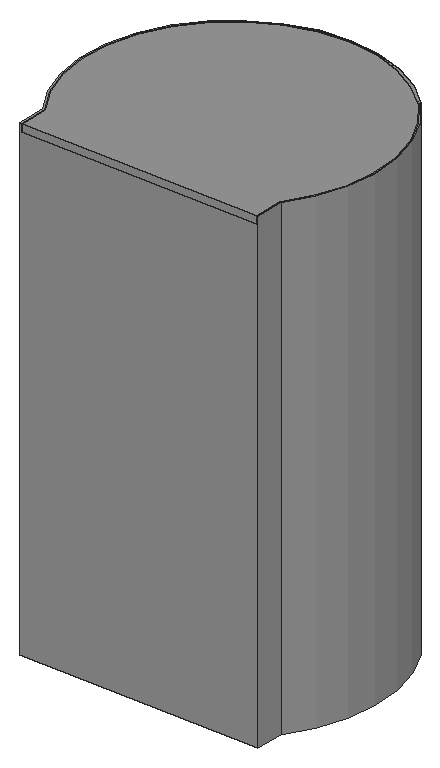
Revit family "DAN DRYER Björk Design Handdryer 3000", category Furniture Systems, host Wall, Revit 2018
Family settings
  Host = Wall
  Round Connector Dimension = Use Diameter
  Part Type = Normal
  Always vertical = Yes
  Cut with Voids When Loaded = No
  Shared = No
  Room Calculation Point = No
Parameters (values of type "OSLO")
  URL = "http://www.dandryer.dk/da-dk/produkter/produktserie-%E2%80%93-bjork/3000-bjork-haandtoerrer--hvid"
  Type Image = <None>
  Surface Top = OSLO
  Surface Front = WHITE
  Model = "Björk-3000"
  Manufacturer = "Dan Dryer"
  Description = "Touch-free hand dryer"
  Cost = 0
Types (6): name | Surface Top
  BIRK | BIRK
  GEO WHITE | GEO WHITE
  GRIGIO LONDRA | GRIGIO LONDRA
  NEGRO INGO | NEGRO INGO
  OSLO | OSLO
  BIANCO MALE | BIANCO MALE
Reference planes (in)
  plane 1 "Wall": y = 0
  plane 2 "Center (Left/Right)": x = 4.92126
  plane 3 "Back": y = 2.95276
Forms (in)
  Extrusion 1, solid, material "WHITE", not visible
    sketch origin (0, 0, 0) x (1, 0, 0) y (0, 1, 0)
      loop
        arc (1.66187, 3.75455) -> (1.67032, 3.73804) -> (1.67323, 3.71973) r 0.05906
        line (1.67323, 3.71973) -> (1.67323, 2.96457) -> (1.72047, 2.96457) -> (1.72047, 3.71973)
        arc (1.72047, 3.71973) -> (1.71523, 3.75269) -> (1.70003, 3.78241) r 0.1063
        arc (1.70003, 3.78241) -> (4.92126, 10.12205) -> (8.14249, 3.78241) r 3.98819
        arc (8.14249, 3.78241) -> (8.12729, 3.75269) -> (8.12205, 3.71973) r 0.1063
        line (8.12205, 3.71973) -> (8.12205, 2.96457) -> (8.16929, 2.96457) -> (8.16929, 3.71973)
        arc (8.16929, 3.71973) -> (8.1722, 3.73804) -> (8.18065, 3.75455) r 0.05906
        arc (8.18065, 3.75455) -> (4.92126, 10.16929) -> (1.66187, 3.75455) r 4.03543
    from 35.43307 to 48.4252
  Extrusion 2, void, not visible
    sketch origin (8.16929, 3.71973, 0) x (0, 1, 0) y (0, 0, -1)
      loop
        line (-0.75516, -48.22835) -> (-0.75516, -48.4252) -> (0.24229, -48.4252)
        arc (0.24229, -48.4252) -> (0.12078, -48.36063) -> (0.08289, -48.22835) r 0.17597
        line (0.08289, -48.22835) -> (-0.75516, -48.22835)
    from -0.43119 to 6.69923
  Extrusion 3, void, not visible
    sketch origin (8.16929, 3.71973, 83.85827) x (0, 1, 0) y (0, 0, -1)
      loop
        line (-0.75516, 48.22835) -> (0.08289, 48.22835)
        arc (0.08289, 48.22835) -> (0.12078, 48.36063) -> (0.24229, 48.4252) r 0.17597
        line (0.24229, 48.4252) -> (-0.75516, 48.4252) -> (-0.75516, 48.22835)
    from -0.23622 to 7.06498
  Extrusion 4, solid, not visible
    sketch origin (8.16929, 2.96457, 35.70866) x (0, 1, 0) y (-1, 0, 0)
      loop
        line (0, 6.44882) -> (0, 0.04724) -> (0.75516, 0.04724)
        arc (0.75516, 0.04724) -> (0.78813, 0.042) -> (0.81784, 0.0268) r 0.1063
        arc (0.81784, 0.0268) -> (7.15748, 3.24803) -> (0.81784, 6.46926) r 3.98819
        arc (0.81784, 6.46926) -> (0.78813, 6.45406) -> (0.75516, 6.44882) r 0.1063
        line (0.75516, 6.44882) -> (0, 6.44882)
    from 0 to -0.07874
  Extrusion 5, void, not visible
    sketch origin (8.12205, 2.96457, 0) x (-1, 0, 0) y (0, 0, 1)
      loop
        arc (3.27999, 38.4252) -> (3.2009, 38.50448) -> (3.12159, 38.4252) r 0.07921
        line (3.12159, 38.4252) -> (3.12146, 36.61417)
        arc (3.12146, 36.61417) -> (3.20067, 36.53489) -> (3.27999, 36.61417) r 0.07921
        line (3.27999, 36.61417) -> (3.27999, 38.4252)
    from 6.88641 to 7.45017
  Extrusion 6, solid, not visible
    sketch origin (8.12205, 2.96457, 0) x (1, 0, 0) y (0, 0, 1)
      loop
        line (-3.27999, 38.42458) -> (-3.27999, 36.61417)
        arc (-3.27999, 36.61417) -> (-3.20042, 36.54009) -> (-3.12154, 36.61479) r 0.07931
        line (-3.12154, 36.61479) -> (-3.12159, 38.4252)
        arc (-3.12159, 38.4252) -> (-3.20116, 38.49928) -> (-3.27999, 38.42458) r 0.07931
    from -7.20394 to -6.8864
  Extrusion 7, solid, material "Mat Sort", not visible
    sketch origin (0, 0, 0) x (1, 0, 0) y (0, 1, 0)
      loop
        arc (1.66187, 3.75455) -> (1.67032, 3.73804) -> (1.67323, 3.71973) r 0.05906
        line (1.67323, 3.71973) -> (1.67323, 2.96457) -> (1.72047, 2.96457) -> (1.72047, 3.71973)
        arc (1.72047, 3.71973) -> (1.71523, 3.75269) -> (1.70003, 3.78241) r 0.1063
        arc (1.70003, 3.78241) -> (4.92126, 10.12205) -> (8.14249, 3.78241) r 3.98819
        arc (8.14249, 3.78241) -> (8.12729, 3.75269) -> (8.12205, 3.71973) r 0.1063
        line (8.12205, 3.71973) -> (8.12205, 2.96457) -> (8.16929, 2.96457) -> (8.16929, 3.71973)
        arc (8.16929, 3.71973) -> (8.1722, 3.73804) -> (8.18065, 3.75455) r 0.05906
        arc (8.18065, 3.75455) -> (4.92126, 10.16929) -> (1.66187, 3.75455) r 4.03543
    from 35.43307 to 48.4252
Text (in)
  text "Placement Side" at (-72.78884, 43.96769, 0), in view "Ref. Level"
  text "Placement side" at (0, 55.50411, 112.37426), in view "Left"
  text "Placement side" at (0, 19.67758, 117.35164), in view "Right"
Dimensions and locks (in)
  locked: plane 3 "Back" to host wall
  aligned and locked: plane 1 "Wall" to host wall
  aligned and locked: plane 3 "Back" to nested 1  (x2)
Nested families (in)
  nested 1: "Master Handdryer" at (4.92126, 2.95276, 43.30709), type "Master Handdryer"
Definition of nested family "Master Handdryer"
  Parameters (values of type "Master Handdryer")
    Surface Top = none
    Surface Front = none
  Reference planes (in)
    plane 1 "Center (Front/Back)": y = 0
    plane 2: z = 0
    plane 3 "Center (Left/Right)": x = 0
  Forms (in)
    Extrusion 1, solid, material <- "Surface Front"
      sketch origin (0, 0, 0) x (1, 0, 0) y (0, 1, 0)
        loop
          arc (3.24805, 0.7745) -> (0.00001, 7.20472) -> (-3.24802, 0.7745) r 4.03543
          line (-3.24802, 0.7745) -> (-3.24802, 0) -> (3.24805, 0) -> (3.24805, 0.7745)
      from 0 to 12.99213
    Extrusion 2, solid, material <- "Surface Top"
      sketch origin (0, 0, 12.99213) x (1, 0, 0) y (0, 1, 0)
        loop
          arc (3.2008, 0.79009) -> (0.00001, 7.15748) -> (-3.20077, 0.79009) r 3.98819
          line (-3.20077, 0.79009) -> (-3.20077, 0) -> (3.2008, 0) -> (3.2008, 0.79009)
      from 0 to -0.19685
    Extrusion 3, void
      sketch origin (0, 0, 0) x (1, 0, 0) y (0, 1, 0)
        loop
          line (-3.20077, 0) -> (3.2008, 0) -> (3.2008, 0.79009)
          arc (3.2008, 0.79009) -> (0.00001, 7.15748) -> (-3.20077, 0.79009) r 3.98819
          line (-3.20077, 0.79009) -> (-3.20077, 0)
      from 12.79528 to 12.99213
  Cuts and joins
    Extrusion 3 cuts Extrusion 1
  Dimensions and locks (in)
    aligned and locked: level to plane 2
